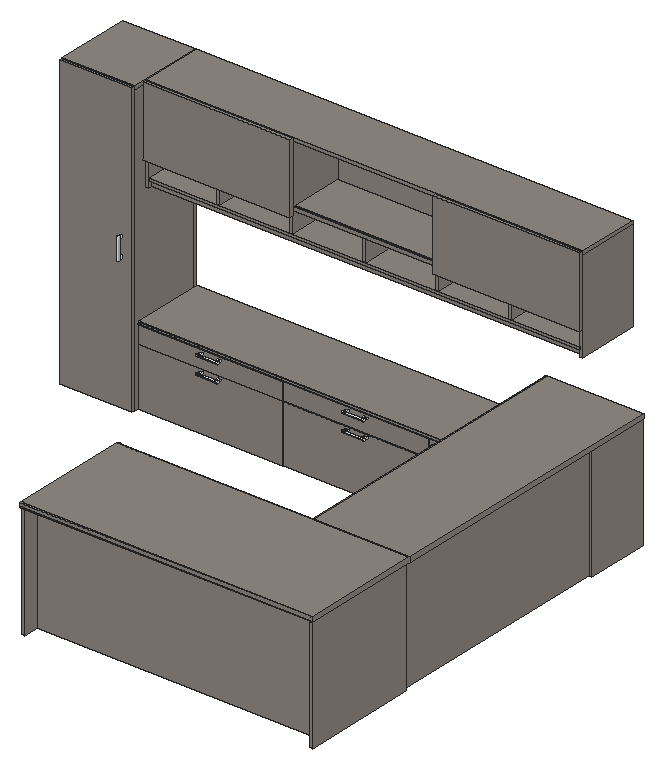
Revit family "JSI-Vision-Typical_Veneer-VSV019", category Furniture, Revit 2020
Family settings
  OmniClass Number = 23.40.20.00
  OmniClass Title = General Furniture and Specialties
  Work Plane-Based = No
  Always vertical = Yes
  Cut with Voids When Loaded = No
  Shared = No
  Room Calculation Point = No
Parameters (values of type "VST019")
  URL = "www.jsifurniture.com"
  Type Comments = "Typical Laminate"  # constant formula
  Model = "VST019"
  Manufacturer = "JSI"  # constant formula
  Keynote = "12500"
  Default Elevation = 0"
  Assembly Code = "E2020200"
Reference planes (in)
  plane 1 "Center Front/Back": y = 0
  plane 2: z = 0
  plane 3 "Center Left/Right": x = 0
Dimensions and locks (in)
  aligned and locked: level to plane 2
Nested families (in)
  nested 1: "JSI-Vision-Single_Pedestal_Desk-Recessed_Modesty" at (91.43587, -90.375, 0) x (-1, 0, 0) z (0, 0, 1), type "VSV3072RDF, Veneer 30 x 72 Right Ped Desk, Recess Modesty"
    with Width 72", Panel BBF 56 1/4", LR no, Grommet angle 270.00°, Grommet 56 79/128", BBF 56 1/4"
  nested 2: "JSI-Vision-Wardrobe" at (0, 0.125, 0), type "VSV2018-72WL - Wardrobe - 1 Doors 30"W x 20"D x 72"H"
    with Vertical Partition no, Top-Right Shelve no, Width 18", Unit Centre 8 15/16", Shelve Width 7 13/16", Shelve Depth 17.1795", Right surface Dist. to Vertical Partition 3/4", Right Door no, Pull Distance 15 1/4", Left Shelves no, Height 72", Hanging Bar Distance 6 3/4", Door Width 17 3/4", Depth 19.992", Bottom-Right Shelves yes, Adjustable Shelves Array Distance 13.95", Actual Width 17 7/8", Actual Height 71 11/16", # of Adjustable Shelves 4
  nested 3: "JSI-Vision-Bench_Height_Modular_Top" at (17.875, 0, -0.756), type "VSVB18108MT, Veneer Mod Bench H Top, 18" x 108""
    with Width 108", Depth 18"
  nested 4: "JSI-Vision-Single Door_Modular_Bench_Pedestal" at (89.875, 0, 0), type "VSVB1818MHR, Sngl Door Modular Bench Ped Right"
    with Hinge 4", Height 18.744"
  nested 5: "JSI-Vision-Open_Shelf_Modular_Bench_Pedestal" at (107.875, 0, 0), type "VSVB1818MOS, Veneer OS Modular Bench H Ped"
    with Height 18.744"
  nested 6: "JSI-Vision-Box_File_Modular_Bench_Pedestal" at (17.875, 0, 0), type "VSVB1836MBF - Veneer BF Modular Bench H Ped"
    with Width 36", Height 18.744"
  nested 7: "JSI-Vision-Box_File_Modular_Bench_Pedestal" at (53.875, 0, 0), type "VSVB1836MBF - Veneer BF Modular Bench H Ped"
    with Width 36", Height 18.744"
  nested 8: "JSI-Vision-Bench_Height-Shell_Return" at (127.5, -71.125, 0) x (0, -1, 0) z (0, 0, 1), type "VSVB2472LSHR - Bench Height Shell Return Left Handed - 72"W x 24"D x 30"H"
    with Width 72", Ped Height 27.9995", Modesty Width 59 11/16", Lat Panel Pstn 71 1/8", Height 29.187", Grommet Position 1.356", Bk Panel Pstn 56 1/4"
  nested 9: "JSI-Vision-Wall_Mount_Overhead_Cabinets-Sliding_Door_with_Cubbies" at (17.875, 0, -0.3125), type "VSV16108WSDC, Veneer Wall Mount OH Cab. 16" x 108", Sld Doors with Cub"
    with Overall Height 72", Verticall Partition Distance 35.85417", Unit Centre 54", Width 108", Sliding Door Width 36.22917", Right Sliding Door yes, Left Vertical Partition yes, Door Width Actual 17.83333", Door Array Spacing 17.95833", Door Width 17.83333", Door Align Spacing 0.06408", Depth 15.996", Bottom Partition Array Start Distance 17.89583", Bottom Partition Array Space 17.52083", Bottom Partition Array Distance 17.95833", # of bottom Partition 5, # of Doors 6
  nested 10: "JSI-Vision-Modular_Back_Panel_for_Bench_Height-Horizontal_Grain" at (17.875, 0, 0), type "VSVB19102MBK, Modular Back Panel for Bench Height - Horizontal Grain  18 3/4"H, 102"W"
Definition of nested family "JSI-Vision-Single_Pedestal_Desk-Recessed_Modesty"
  Parameters (values of type "Type Catalog")
    Worksurface = none
    Width = 66"
    URL = "www.jsifurniture.com"
    Type Comments = ""
    Tag = "BBF"  # constant formula
    Series = "Vision Casegoods"  # constant formula
    Pull Finish = none
    Panel BBF = if(LR, 15", Width - 15 3/4")  # 15"
    Model = "Type Catalog"
    Material = ""
    Manufacturer = "JSI"  # constant formula
    LR = yes
    Keynote = "12500"
    JSI Enviromental Website = "http://www.jsifurniture.com/jsi_sustainability_intro.php"
    Height = 29.187"
    Grommet angle = if(LR, 90.00°, 270.00°)  # 90.00°
    Grommet Finish = none
    Grommet = if(LR, 14 1/2", Width - 15 49/128")  # 14 1/2"
    Drawer Front = none
    Description = "Type Catalog"
    Depth chassis = 30"
    Depth = 30"
    Default Elevation = 0"
    Chassis = none
    BBF = if(LR, 3/16", Width - 15 3/4")  # 3/16"
    Assembly Code = "E2020200"
  Reference planes (in)
    plane 1: z = 0
    plane 2 "Center (Left/Right)": x = -36.06413
    plane 3: z = 29.187
    plane 4: z = 27.9995
    plane 5: y = -19.25
    plane 6 "Center (Front/Back)": y = 10.75
    plane 7: y = 10.75
    plane 8: x = -3.06413
    plane 9: x = 29.93587
    plane 10: y = 10.56003
    plane 11: x = -20.31413
    plane 12: x = 14.18587
    plane 13: y = -18.37
    plane 14: x = -13.31413
    plane 15: x = -28.12663
    plane 16: x = 29.81086
    plane 17: x = -35.93913
    plane 18: y = 3.55952
    plane 19: y = -0.44048
    plane 20: y = 6.81003
    plane 21: y = -18.31113
    plane 22: x = -21.06413
    plane 23: x = -35.87663
    plane 24: x = -20.37636
    plane 25: x = -5.56513
    plane 26: x = -21.56413
    plane 27: y = 1.55952
  Forms (in)
    Extrusion 1, solid, material <- "Worksurface"
      sketch origin (0, 0, -0.813) x (1, 0, 0) y (0, 1, 0)
        loop
          line (-36.06413, -19.125) -> (29.93587, -19.125) -> (29.93587, 10.625) -> (-36.06413, 10.625) -> (-36.06413, -19.125)
      from 28.8125 to 30
    Extrusion 2, solid, material <- "Chassis"
      sketch origin (0, 3.75, 0) x (1, 0, 0) y (0, 1, 0)
        loop
          line (-35.18913, 3.06003) -> (-35.18913, 2.31003) -> (29.06086, 2.31003) -> (29.06086, 3.06003) -> (-35.18913, 3.06003)
      from 0 to 27.9995
    Extrusion 3, solid, material <- "Drawer Front"
      sketch origin (-0.00163, 0.13, 0) x (1, 0, 0) y (0, 0, 1)
        loop
          line (-35.875, 27.89042) -> (-35.875, 21.04768) -> (-20.37473, 21.04768) -> (-20.37473, 27.89042) -> (-35.875, 27.89042)
        loop
          line (-35.875, 20.92218) -> (-35.875, 14.07843) -> (-20.37473, 14.07843) -> (-20.37473, 20.92218) -> (-35.875, 20.92218)
        loop
          line (-35.875, 13.95343) -> (-35.875, 0.14093) -> (-20.37473, 0.14093) -> (-20.37473, 13.95343) -> (-35.875, 13.95343)
      from 18.5 to 19.25
    Extrusion 4, solid, material <- "Chassis"
      sketch origin (-0.06413, 0, 0) x (0, 1, 0) y (0, 0, 1)
        loop
          line (-18.31113, 27.9995) -> (-18.31113, 0) -> (10.56003, 0) -> (10.56003, 27.9995) -> (3.44695, 27.9995) -> (-18.31113, 27.9995)
      from -35.875 to -35.125
    Extrusion 5, solid, material <- "Chassis"
      sketch origin (-0.06413, 0.034, 0) x (1, 0, 0) y (0, 0, 1)
        loop
          line (-35.125, 1.9375) -> (-35.125, 0) -> (-21, 0) -> (-21, 1.9375) -> (-35.125, 1.9375)
      from 17.59513 to 18.34513
    Extrusion 6, solid, material <- "Chassis"
      sketch origin (-0.06029, 0, 0) x (0, 1, 0) y (0, 0, -1)
        loop
          line (-18.31113, -27.9995) -> (3.74172, -27.9995) -> (10.56003, -27.9995) -> (10.56003, 0) -> (-18.31113, 0) -> (-18.31113, -27.9995)
      from -29.87116 to -29.12116
    Sweep 7, solid, material <- "Worksurface"
      path in 3D
        loop
          line (-36.06413, -19.125, 29.187) -> (29.93587, -19.125, 29.187)
      profile origin (-3.06413, -19.125, 29.187) x (0, 1, 0) y (0, 0, 1)
        loop
          arc (0, 0) -> (-0.08839, -0.03661) -> (-0.125, -0.125) r 0.125
          line (-0.125, -0.125) -> (-0.125, -1.0625)
          arc (-0.125, -1.0625) -> (-0.08839, -1.15089) -> (0, -1.1875) r 0.125
          line (0, -1.1875) -> (0, 0)
    Extrusion 8, solid, material <- "Chassis"
      sketch origin (57.45899, 0, 0) x (0, 1, 0) y (0, 0, -1)
        loop
          line (-18.31113, -27.9995) -> (3.98759, -27.9995) -> (6.06003, -27.9995) -> (6.06003, 0) -> (-18.31113, 0) -> (-18.31113, -27.9995)
      from 77.77312 to 78.52312
    Sweep 9, solid, material <- "Worksurface"
      path in 3D
        loop
          line (29.93587, 10.625, 29.187) -> (-36.06413, 10.625, 29.187)
      profile origin (-3.06413, 10.625, 29.187) x (0, -1, 0) y (0, 0, 1)
        loop
          arc (0, 0) -> (-0.08839, -0.03661) -> (-0.125, -0.125) r 0.125
          line (-0.125, -0.125) -> (-0.125, -1.0625)
          arc (-0.125, -1.0625) -> (-0.08839, -1.15089) -> (0, -1.1875) r 0.125
          line (0, -1.1875) -> (0, 0)
  Cuts and joins
    joined: Extrusion 1, Sweep 7, Sweep 9
  Lines and regions (in)
    sketch lines
      curve 1: line (-36.06413, -19.125, 29.187) -> (29.93587, -19.125, 29.187)
      curve 10: line (29.93587, 10.625, 29.187) -> (-36.06413, 10.625, 29.187)
    symbolic lines
      curve 2: line (29.93587, -19.25, 0) -> (-36.06413, -19.25, 0)
      curve 3: line (29.93587, -19.25, 0) -> (29.93587, 10.75, 0)
      curve 4: line (-36.06413, 10.75, 0) -> (-36.06413, -19.25, 0)
      curve 5: line (-20.37636, -18.37, 0) -> (-35.87663, -18.37, 0)
      curve 6: line (-20.37636, -19.12, 0) -> (-20.37636, -18.37, 0)
      curve 7: line (-35.87663, -19.12, 0) -> (-20.37636, -19.12, 0)
      curve 8: line (-35.87663, -18.37, 0) -> (-35.87663, -19.12, 0)
      curve 9: line (-35.93913, 10.56003, 0) -> (-35.93913, -18.31113, 0)
      curve 11: line (29.81086, -18.31113, 0) -> (29.81086, 10.56003, 0)
      curve 12: line (-20.31413, -18.31113, 0) -> (-20.31413, 6.06003, 0)
      curve 13: line (-21.06413, 6.06003, 0) -> (-21.06413, -18.31113, 0)
      curve 14: line (-21.06413, -18.31113, 0) -> (-20.31413, -18.31113, 0)
      curve 15: line (-35.93913, 10.56003, 0) -> (-35.18913, 10.56003, 0)
      curve 16: line (-35.18913, -18.31113, 0) -> (-35.18913, 10.56003, 0)
      curve 17: line (-35.93913, -18.31113, 0) -> (-35.18913, -18.31113, 0)
      curve 18: line (29.06086, 6.81003, 0) -> (-35.18913, 6.81003, 0)
      curve 19: line (-35.18913, 6.06003, 0) -> (29.06086, 6.06003, 0)
      curve 20: line (29.06086, 10.56003, 0) -> (29.06086, -18.31113, 0)
      curve 21: line (29.81086, 10.56003, 0) -> (29.06086, 10.56003, 0)
      curve 22: line (29.06086, -18.31113, 0) -> (29.81086, -18.31113, 0)
      curve 23: line (-36.06413, 10.75, 0) -> (29.93587, 10.75, 0)
  Dimensions and locks (in)
    "Height": plane 3 to level
    locked: plane 3 to plane 4 at 1.1875
    "Depth": plane 6 "Center (Front/Back)" to plane 5
    equal spacing: plane 2 "Center (Left/Right)", plane 8, plane 9
    "Width": plane 2 "Center (Left/Right)" to plane 9
    locked: plane 7 to plane 10 at 0.18997
    locked: plane 2 "Center (Left/Right)" to plane 11 at 15.75
    locked: plane 12 to plane 9 at 15.75
    locked: Extrusion 5 to plane 13 at 0.80887
    locked: plane 13 to plane 5 at 0.88
    locked: plane 16 to plane 9 at 0.125
    locked: Extrusion 6 to Extrusion 6 at 0.75
    locked: Extrusion 4 to Extrusion 4 at 0.75
    locked: Extrusion 2 to Extrusion 2 at 0.75
    plane 21 to plane 5 = 0.93887"
    locked: plane 22 to plane 14 at 7.75
    "BBF": plane 2 "Center (Left/Right)" to plane 23
    locked: Extrusion 5 to Extrusion 5 at 0.75
    locked: plane 23 to plane 15 at 7.75
    locked: Extrusion 3 to Extrusion 3 at 0.75
    Extrusion 8 to Extrusion 8 = 3/4"
    locked: plane 23 to plane 24 at 15.50027
    locked: plane 22 to plane 25 at 15.499
    plane 23 to Extrusion 5 to Extrusion 5 = 11/16" locked, 14 1/8" locked
    "Panel BBF": plane 2 "Center (Left/Right)" to Extrusion 8
    locked: Extrusion 8 to Extrusion 8 at 0.75
    "Grommet": plane 2 "Center (Left/Right)" to plane 26
    equal spacing: plane 18, plane 27, plane 19
    plane 7 to plane 20 to plane 18 to plane 19 = 3.93997" locked, 3.25051" locked, 4" locked
    aligned and locked: level to plane 1
    aligned and locked: curve 4 to Extrusion 1
    aligned and locked: Extrusion 4 to Extrusion 5
    aligned and locked: Extrusion 2 to Extrusion 5
    aligned and locked: Extrusion 2 to Extrusion 6  (x2)
    aligned and locked: plane 16 to Extrusion 6
    aligned and locked: Extrusion 4 to plane 17
    aligned and locked: plane 20 to Extrusion 2
    aligned and locked: plane 13 to Extrusion 3
    aligned and locked: Extrusion 6 to plane 21
    aligned and locked: Extrusion 5 to plane 21
    aligned and locked: Extrusion 4 to plane 21
    aligned and locked: Extrusion 5 to level
    aligned and locked: nested 3 to plane 15
    aligned and locked: nested 2 to plane 15
    aligned and locked: nested 1 to plane 15
    aligned and locked: Extrusion 3 to nested 3
    aligned and locked: Extrusion 3 to nested 2
    aligned and locked: Extrusion 3 to nested 1
    aligned and locked: Extrusion 3 to plane 23  (x3)
    aligned and locked: plane 17 to Extrusion 4
    aligned and locked: plane 21 to Extrusion 5
    aligned and locked: Extrusion 8 to plane 21
    aligned and locked: Extrusion 6 to plane 16
    aligned and locked: plane 24 to Extrusion 3  (x3)
    aligned and locked: curve 5 to Extrusion 3
    aligned and locked: curve 6 to Extrusion 3
    aligned and locked: curve 7 to Extrusion 3
    aligned and locked: curve 8 to Extrusion 3
    aligned and locked: Extrusion 4 to curve 9
    aligned and locked: curve 11 to Extrusion 6
    aligned and locked: Extrusion 2 to Extrusion 4
    aligned and locked: Extrusion 8 to Extrusion 2
    aligned and locked: curve 12 to Extrusion 8
    aligned and locked: curve 13 to Extrusion 8
    aligned and locked: curve 14 to Extrusion 8
    aligned and locked: curve 16 to Extrusion 4
    aligned and locked: curve 17 to Extrusion 4
    aligned and locked: curve 18 to Extrusion 2
    aligned and locked: curve 19 to Extrusion 2
    aligned and locked: curve 20 to Extrusion 6
    aligned and locked: curve 21 to Extrusion 6
    aligned and locked: curve 22 to Extrusion 6
    aligned and locked: curve 3 to cut or joined group of Extrusion 1, Sweep 7, Sweep 9
    aligned and locked: curve 4 to cut or joined group of Extrusion 1, Sweep 7, Sweep 9
    aligned and locked: curve 23 to cut or joined group of Extrusion 1, Sweep 7, Sweep 9
    aligned and locked: nested 4 to plane 5
    aligned and locked: nested 4 to plane 15
    aligned and locked: plane 10 to Extrusion 4  (x2)
    aligned and locked: plane 10 to Extrusion 6  (x2)
    aligned and locked: curve 15 to Extrusion 4
  Automatic sketch dimensions
    plane 11 to Extrusion 2 sketch curve = 14 7/8"
    plane 12 to Extrusion 2 sketch curve = 14 7/8"
    Extrusion 2 sketch curve to plane 20 = 0"
    plane 18 to Extrusion 2 sketch curve = 2.50051"
    Extrusion 3 sketch curve to plane 23 = 0"  (x3)
    plane 11 to Extrusion 3 sketch curve = 0.06223"  (x3)
    level to Extrusion 3 sketch curve = 0.14093"
    Extrusion 3 sketch curve to Extrusion 3 sketch curve = 13 13/16"
    Extrusion 3 sketch curve to Extrusion 3 sketch curve = 1/8"
    Extrusion 3 sketch curve to Extrusion 3 sketch curve = 6 27/32"
    Extrusion 3 sketch curve to Extrusion 3 sketch curve = 0.1255"
    Extrusion 3 sketch curve to plane 4 = 0.10907"
    plane 4 to Extrusion 4 sketch curve = 0"
    Extrusion 4 sketch curve to plane 21 = 0"
    Extrusion 4 sketch curve to level = 0"
    Extrusion 4 sketch curve to plane 10 = 0"
    Extrusion 5 sketch curve to level = 0"
    plane 23 to Extrusion 5 sketch curve = 11/16"
    plane 11 to Extrusion 5 sketch curve = 3/4"
    level to Extrusion 5 sketch curve = 1 15/16"
    Extrusion 6 sketch curve to plane 4 = 0"
    Extrusion 6 sketch curve to plane 21 = 0"
    Extrusion 6 sketch curve to level = 0"
    Extrusion 6 sketch curve to plane 10 = 0"
    Sweep 7 sketch curve to profile plane = 0"  (x2)
    profile plane to Sweep 7 sketch curve = 1/8"
    Sweep 7 sketch curve to Sweep 7 sketch curve = 15/16"
    Extrusion 8 sketch curve to plane 4 = 0"
    Extrusion 8 sketch curve to plane 21 = 0"
    Extrusion 8 sketch curve to level = 0"
    Extrusion 8 sketch curve to plane 10 = 4 1/2"
    Extrusion 1 sketch curve to plane 2 "Center (Left/Right)" = 0"
    Extrusion 1 sketch curve to plane 9 = 0"
    plane 5 to Extrusion 1 sketch curve = 1/8"
    Sweep 9 sketch curve to Sweep 9 sketch curve = 15/16"
    Sweep 9 sketch curve to profile plane = 1/8"
    Sweep 9 sketch curve to profile plane = 0"  (x2)
    curve 2 to plane 2 "Center (Left/Right)" = 0"
    curve 9 to plane 17 = 0"
    curve 5 to plane 13 = 0"
    curve 5 to plane 23 = 0"
    curve 17 to plane 21 = 0"
    curve 18 to plane 20 = 0"
    curve 14 to plane 21 = 0"
    curve 7 to plane 24 = 0"
    plane 11 to curve 14 = 0"
    curve 22 to plane 21 = 0"
    curve 22 to plane 16 = 0"
    curve 2 to plane 5 = 0"
    plane 23 to curve 17 = 11/16"
    plane 22 to curve 14 = 0"
    curve 20 to curve 11 = 3/4"
    plane 5 to curve 7 = 0.13"
    curve 19 to curve 18 = 3/4"
    curve 11 to plane 10 = 0"
    plane 10 to Extrusion 1 sketch curve = 0.06497"
    Extrusion 4 sketch curve to plane 18 = 0.11258"
    plane 18 to Extrusion 8 sketch curve = 0.42807"
    plane 18 to Extrusion 6 sketch curve = 0.1822"
  Nested families (in)
    nested 1: "Bar Pull" at (-28.12663, -19.12, 13.20292), Pull Finish <- "Pull Finish", type "PL"
      with Pull Finish none
    nested 2: "Bar Pull" at (-28.12663, -19.12, 20.171), Pull Finish <- "Pull Finish", type "PL"
      with Pull Finish none
    nested 3: "Bar Pull" at (-28.12663, -19.12, 27.14116), Pull Finish <- "Pull Finish", type "PL"
      with Pull Finish none
    nested 4: "Label 1-16-1" at (-28.12663, -19.25, 0), type "DRWCFG"
  Definition of nested family "Bar Pull"
    Parameters
      Pull Finish [instance] = none
      Default Elevation = 0"
    Reference planes (in)
      plane 1 "Center Front/Back": y = 0
      plane 2: z = 0
      plane 3 "Center Left/Right": x = 0
      plane 4: x = -2.68731
      plane 5: x = -1.88731
      plane 6: x = 2.68731
      plane 7: x = 1.88731
      plane 8: y = -1
      plane 9: y = -0.85202
    Forms (in)
      Extrusion 1, solid, material <- "Pull Finish"
        sketch origin (0, 0, 0) x (0, 1, 0) y (0, 0, 1)
          loop
            line (0, -0.2015) -> (0, 0.2015) -> (-0.85202, 0.2015)
            arc (-0.85202, 0.2015) -> (-0.75, 0) -> (-0.85202, -0.2015) r 0.25
            line (-0.85202, -0.2015) -> (0, -0.2015)
        from 1.88731 to 2.68731
      Extrusion 2, solid, material <- "Pull Finish"
        sketch origin (0, 0, 0) x (0, 1, 0) y (0, 0, 1)
          loop
            circle (-1, 0) r 0.25
        from -2.68731 to 2.68731
      Extrusion 3, solid, material <- "Pull Finish"
        sketch origin (0, 0, 0) x (0, 1, 0) y (0, 0, -1)
          loop
            line (0, 0.2015) -> (-0.85202, 0.2015)
            arc (-0.85202, 0.2015) -> (-0.75, 0) -> (-0.85202, -0.2015) r 0.25
            line (-0.85202, -0.2015) -> (0, -0.2015) -> (0, 0.2015)
        from 1.88731 to 2.68731
    Dimensions and locks (in)
      plane 4 to plane 5 to plane 3 "Center Left/Right" to plane 7 to plane 6 = 0.8" locked, 1.88731" locked, 1.88731" locked, 0.8" locked
      plane 8 to plane 9 to plane 1 "Center Front/Back" = 0.14798" locked, 0.85202" locked
      aligned and locked: level to plane 2
      aligned and locked: plane 4 to Extrusion 3
      aligned and locked: Extrusion 3 to plane 5
      aligned and locked: plane 4 to Extrusion 2
      aligned and locked: Extrusion 1 to plane 7
      aligned and locked: plane 6 to Extrusion 1
      aligned and locked: plane 6 to Extrusion 2
      aligned and locked: plane 8 to Extrusion 2 sketch curve
      aligned and locked: Extrusion 3 to plane 1 "Center Front/Back"
      aligned and locked: Extrusion 1 to plane 1 "Center Front/Back"
      aligned and locked: plane 5 to Extrusion 3
      aligned and locked: Extrusion 3 to plane 4
      aligned and locked: Extrusion 2 to plane 4
      aligned and locked: plane 7 to Extrusion 1
      aligned and locked: Extrusion 1 to plane 6
      aligned and locked: Extrusion 2 to plane 6
  Definition of nested family "Label 1-16-1"
    Parameters
      Width = 1"
      Model Name = "BBF"
    Reference planes (in)
      plane 1: y = 0
      plane 2: x = 0
    Text (in)
      label "XX" at (0.00051, -0.12324, 0), shows "Model Name"
Definition of nested family "JSI-Vision-Wardrobe"
  Parameters (values of type "Type Catalog")
    Vertical Partition = yes
    Top-Right Shelve = yes
    Top = none
    Width = 36"
    Unit Centre = Actual Width / 2  # 17 15/16"
    URL = "www.jsifurniture.com"
    Type Comments = ""
    Tag = "Storage/Wardrobe"
    Shelve Width = (Actual Width - 2 1/4") / 2  # 16 13/16"
    Shelve Depth = Depth - 2 13/16"  # 21 3/16"
    Series = "Vision Casegoods"  # constant formula
    Right surface Dist. to Vertical Partition = if(Vertical Partition, (Unit Centre + 3/8"), 3/4")  # 18 5/16"
    Right Door = yes
    Pull Finish = none
    Pull Distance = Door Width - 2 1/2"  # 15 5/16"
    Model = "Type Catalog"
    Material = ""
    Manufacturer = "JSI"  # constant formula
    Left Shelves = yes
    Left Door = yes
    Keynote = "12500"
    JSI Enviromental Website = "http://www.jsifurniture.com/jsi_sustainability_intro.php"
    Height = 84"
    Hanging Bar Distance = if(Height > 72", (Adjustable Shelves Array Distance + 6 3/4"), 6 3/4")  # 20 3/8"
    Door Width = if(Vertical Partition, ((Actual Width - (1/4")) / 2), (Actual Width - 1/8"))  # 17 13/16"
    Door Front = none
    Description = "Type Catalog"
    Depth = 24"
    Default Elevation = 0"
    Chassis = none
    Bottom-Right Shelves = no
    Assembly Code = "E2020200"
    Adjustable Shelves Array Distance = (Actual Height - 1 15/16") / (# of Adjustable Shelves + 1)  # 13 5/8"
    Actual Width = Width - 1/8"  # 35 7/8"
    Actual Height = if(Height > 54", (Height - 5/16"), (if(Height > 42", (Height + 1 1/8"), if(Height > 30", (Height - 3/8"), (Height - 13/16")))))  # 83 11/16"
    # of Adjustable Shelves = if(Height > 72", 5, 4)  # 5
  Reference planes (in)
    plane 1 "Center Front/Back": y = 0
    plane 2: z = 0
    plane 3 "Center Left/Right": x = 0
    plane 4: z = 0
    plane 5: x = 35.875
    plane 6: y = -0.125
    plane 7: y = -23
    plane 8: z = 83.6875
    plane 9: y = -0.875
    plane 10: y = -22.8125
    plane 11: y = -22.0625
    plane 12: x = 0.75
    plane 13: x = 35.125
    plane 14: z = 1.1875
    plane 15: z = 1.9375
    plane 16: z = 82.9375
    plane 17: z = 83.3125
    plane 18: z = 15.1875
    plane 19: z = 28.8125
    plane 20: z = 42.4375
    plane 21: z = 56.0625
    plane 22: z = 69.6875
    plane 23: z = 70.0625
    plane 24: z = 69.3125
    plane 25: z = 56.4375
    plane 26: z = 55.6875
    plane 27: z = 42.8125
    plane 28: z = 42.0625
    plane 29: z = 29.1875
    plane 30: z = 28.4375
    plane 31: z = 15.5625
    plane 32: z = 14.8125
    plane 33: x = 17.9375
    plane 34: x = 0.0625
    plane 35: x = 35.8125
    plane 36: x = 18
    plane 37: x = 17.875
    plane 38: z = 0.125
    plane 39: y = -23.125
    plane 40: y = -23.875
    plane 41: z = 1.5625
    plane 42: x = 18.3125
    plane 43: x = 17.5625
    plane 44: y = -24
    plane 45: z = 83.625
    plane 46: z = 63.3125
    plane 47: y = -11.5625
    plane 48: z = 41.84375
    plane 49: x = 20.5
    plane 50: x = 15.375
    plane 51: z = 20.3125
    plane 52: z = 19.5625
    plane 53: x = 18.3125
  Forms (in)
    Extrusion 1, solid, material <- "Chassis"
      sketch origin (0, 0, 0) x (1, 0, 0) y (0, 1, 0)
        loop
          line (0, -0.125) -> (0, -0.875) -> (35.875, -0.875) -> (35.875, -0.125) -> (0, -0.125)
      from 0 to 82.9375
    Extrusion 2, solid, material <- "Chassis"
      sketch origin (0, 0, 0) x (1, 0, 0) y (0, 1, 0)
        loop
          line (0, -0.875) -> (0, -23) -> (0.75, -23) -> (0.75, -0.875) -> (0, -0.875)
      from 0 to 82.9375
    Extrusion 3, solid, material <- "Chassis"
      sketch origin (0, 0, 0) x (1, 0, 0) y (0, 1, 0)
        loop
          line (35.125, -0.875) -> (35.125, -23) -> (35.875, -23) -> (35.875, -0.875) -> (35.125, -0.875)
      from 0 to 82.9375
    Extrusion 4, solid, material <- "Top"
      sketch origin (0, 0, 0) x (0, 1, 0) y (0, 0, 1)
        loop
          line (-0.125, 83.6875) -> (-23, 83.6875) -> (-23, 82.9375) -> (-0.125, 82.9375) -> (-0.125, 83.6875)
      from 0 to 35.875
    Extrusion 5, solid, material <- "Chassis"
      sketch origin (0, 0, 0) x (0, 1, 0) y (0, 0, 1)
        loop
          line (-0.875, 1.9375) -> (-22.0625, 1.9375) -> (-22.0625, 1.1875) -> (-0.875, 1.1875) -> (-0.875, 1.9375)
      from 0.75 to 35.125
    Extrusion 6, solid, material <- "Chassis"
      sketch origin (0, 0, 0) x (0, 1, 0) y (0, 0, 1)
        loop
          line (-22.0625, 1.9375) -> (-22.8125, 1.9375) -> (-22.8125, 0) -> (-22.0625, 0) -> (-22.0625, 1.9375)
      from 0.75 to 35.125
    Extrusion 7, solid, material <- "Door Front", visible <- "Left Door"
      sketch origin (0, 0, 0) x (1, 0, 0) y (0, 1, 0)
        loop
          line (0.0625, -23.125) -> (0.0625, -23.875) -> (17.875, -23.875) -> (17.875, -23.125) -> (0.0625, -23.125)
      from 0.125 to 83.625
    Extrusion 8, solid, material <- "Door Front", visible <- "Right Door"
      sketch origin (0, 0, 0) x (1, 0, 0) y (0, 1, 0)
        loop
          line (18, -23.125) -> (18, -23.875) -> (35.8125, -23.875) -> (35.8125, -23.125) -> (18, -23.125)
      from 0.125 to 83.625
    Extrusion 9, solid, material <- "Chassis", visible <- "Vertical Partition"
      sketch origin (0, 0, 0) x (1, 0, 0) y (0, 1, 0)
        loop
          line (17.5625, -0.875) -> (17.5625, -23) -> (18.3125, -23) -> (18.3125, -0.875) -> (17.5625, -0.875)
      from 1.9375 to 82.9375
    Extrusion 10, solid, material <- "Chassis", visible <- "Left Shelves"
      sketch origin (0, 0, 0) x (0, 1, 0) y (0, 0, 1)
        loop
          line (-0.875, 15.5625) -> (-22.0625, 15.5625) -> (-22.0625, 14.8125) -> (-0.875, 14.8125) -> (-0.875, 15.5625)
      from 0.75 to 17.5625
    Extrusion 11, solid, material <- "Chassis", visible <- "Top-Right Shelve"
      sketch origin (0, 0, 0) x (0, 1, 0) y (0, 0, 1)
        loop
          line (-0.875, 70.0625) -> (-22.0625, 70.0625) -> (-22.0625, 69.3125) -> (-0.875, 69.3125) -> (-0.875, 70.0625)
      from 18.3125 to 35.125
    Extrusion 12, solid, material <- "Pull Finish"
      sketch origin (0, 0, 0) x (0, 1, 0) y (0, 0, 1)
        loop
          circle (-11.5625, 63.3125) r 0.5
      from 18.3125 to 35.125
    Extrusion 13, solid, material <- "Chassis", visible <- "Left Shelves"
      sketch origin (0, 0, 13.625) x (0, 1, 0) y (0, 0, 1)
        loop
          line (-0.875, 15.5625) -> (-22.0625, 15.5625) -> (-22.0625, 14.8125) -> (-0.875, 14.8125) -> (-0.875, 15.5625)
      from 0.75 to 17.5625
    Extrusion 14, solid, material <- "Chassis", visible <- "Left Shelves"
      sketch origin (0, 0, 27.25) x (0, 1, 0) y (0, 0, 1)
        loop
          line (-0.875, 15.5625) -> (-22.0625, 15.5625) -> (-22.0625, 14.8125) -> (-0.875, 14.8125) -> (-0.875, 15.5625)
      from 0.75 to 17.5625
    Extrusion 15, solid, material <- "Chassis", visible <- "Left Shelves"
      sketch origin (0, 0, 40.875) x (0, 1, 0) y (0, 0, 1)
        loop
          line (-0.875, 15.5625) -> (-22.0625, 15.5625) -> (-22.0625, 14.8125) -> (-0.875, 14.8125) -> (-0.875, 15.5625)
      from 0.75 to 17.5625
    Extrusion 16, solid, material <- "Chassis", visible <- "Bottom-Right Shelves"
      sketch origin (0, 0, 0) x (0, 1, 0) y (0, 0, 1)
        loop
          line (-22.0625, 29.1875) -> (-22.0625, 28.4375) -> (-0.875, 28.4375) -> (-0.875, 29.1875) -> (-22.0625, 29.1875)
      from 18.3125 to 35.125
    Extrusion 17, solid, material <- "Chassis", visible <- "Bottom-Right Shelves"
      sketch origin (0, 0, 0) x (0, 1, 0) y (0, 0, 1)
        loop
          line (-22.0625, 20.3125) -> (-22.0625, 19.5625) -> (-0.875, 19.5625) -> (-0.875, 20.3125) -> (-22.0625, 20.3125)
      from 18.3125 to 35.125
    Extrusion 18, solid, material <- "Chassis", visible <- "Left Shelves"
      sketch origin (0, 0, 54.5) x (0, 1, 0) y (0, 0, 1)
        loop
          line (-0.875, 15.5625) -> (-22.0625, 15.5625) -> (-22.0625, 14.8125) -> (-0.875, 14.8125) -> (-0.875, 15.5625)
      from 0.75 to 17.5625
  Lines and regions (in)
    symbolic lines
      curve 1: line (35.875, -0.125, 0) -> (0, -0.125, 0)
      curve 2: line (0, -0.125, 0) -> (0, -23, 0)
      curve 3: line (35.875, -23, 0) -> (35.875, -0.125, 0)
      curve 4: line (0, -23, 0) -> (35.875, -23, 0)
      curve 5: line (17.875, -23.875, 0) -> (17.875, -23.125, 0)
      curve 6: line (0.0625, -23.875, 0) -> (17.875, -23.875, 0)
      curve 7: line (17.875, -23.125, 0) -> (0.0625, -23.125, 0)
      curve 8: line (0.0625, -23.125, 0) -> (0.0625, -23.875, 0)
      curve 9: line (35.8125, -23.125, 20.3125) -> (18, -23.125, 20.3125)
      curve 10: line (18, -23.875, 20.3125) -> (35.8125, -23.875, 20.3125)
      curve 11: line (18, -23.125, 20.3125) -> (18, -23.875, 20.3125)
      curve 12: line (35.8125, -23.875, 20.3125) -> (35.8125, -23.125, 20.3125)
  Dimensions and locks (in)
    locked: plane 6 to plane 1 "Center Front/Back" at 0.125
    plane 7 to plane 10 to plane 11 = 3/16" locked, 3/4" locked
    locked: plane 3 "Center Left/Right" to plane 12 at 0.75
    locked: plane 13 to plane 5 at 0.75
    plane 15 to plane 14 to plane 4 = 3/4" locked, 1 3/16" locked
    locked: plane 8 to plane 16 at 0.75
    locked: plane 17 to plane 16 at 0.375
    plane 23 to plane 22 to plane 24 = 3/8" locked, 3/8" locked
    plane 25 to plane 21 to plane 26 = 3/8" locked, 3/8" locked
    plane 27 to plane 20 to plane 28 = 3/8" locked, 3/8" locked
    plane 29 to plane 19 to plane 30 = 3/8" locked, 3/8" locked
    plane 31 to plane 18 to plane 32 = 3/8" locked, 3/8" locked
    "Actual Width": plane 3 "Center Left/Right" to plane 5
    "Unit Centre": plane 3 "Center Left/Right" to plane 33
    "Actual Height": plane 8 to plane 4
    locked: plane 3 "Center Left/Right" to plane 34 at 0.0625
    locked: plane 35 to plane 5 at 0.0625
    plane 40 to plane 39 to plane 7 = 3/4" locked, 1/8" locked
    "Door Width": plane 34 to plane 37
    "Door Width": plane 36 to plane 35
    locked: plane 15 to plane 41 at 0.375
    plane 43 to plane 33 to plane 42 = 3/8" locked, 3/8" locked
    "Depth": plane 44 to plane 1 "Center Front/Back"
    locked: plane 44 to plane 40 at 0.125
    "Adjustable Shelves Array Distance": Extrusion 10 to plane 15
    locked: plane 8 to plane 45 at 0.0625
    "Adjustable Shelves Array Distance": plane 17 to plane 22
    equal spacing: plane 6, plane 47, plane 7
    equal spacing: plane 8, plane 48, plane 4
    "Shelve Depth": Extrusion 10 sketch curve to Extrusion 10 sketch curve
    "Shelve Depth": Extrusion 13 sketch curve to Extrusion 13 sketch curve
    equal spacing: group 1, group 2, group 3, group 4, group 5  (x3)
    "Shelve Width": Extrusion 10 to Extrusion 10
    "Shelve Depth": Extrusion 14 sketch curve to Extrusion 14 sketch curve
    "Shelve Width": Extrusion 14 to Extrusion 14
    "Shelve Depth": Extrusion 15 sketch curve to Extrusion 15 sketch curve
    "Shelve Width": Extrusion 15 to Extrusion 15
    "Shelve Width": Extrusion 13 to Extrusion 13
    "Hanging Bar Distance": plane 8 to plane 46
    "Adjustable Shelves Array Distance": Extrusion 13 to Extrusion 10
    plane 30 to plane 51 to plane 52 = 8 1/8" locked, 3/4" locked
    "Pull Distance": plane 49 to plane 35
    "Pull Distance": plane 34 to plane 50
    "Right surface Dist. to Vertical Partition": plane 53 to plane 3 "Center Left/Right"
    "Shelve Depth": Extrusion 18 sketch curve to Extrusion 18 sketch curve
    "Shelve Width": Extrusion 18 to Extrusion 18
    locked: plane 38 to plane 4 at 0.125
    radius of Extrusion 12 sketch curve = 1/2"
    aligned and locked: level to plane 2
    aligned and locked: plane 6 to Extrusion 1 sketch curve
    aligned and locked: Extrusion 1 sketch curve to plane 9
    aligned and locked: Extrusion 1 sketch curve to plane 5
    aligned and locked: plane 3 "Center Left/Right" to Extrusion 1 sketch curve
    aligned and locked: Extrusion 1 to plane 4
    aligned and locked: plane 16 to Extrusion 1
    aligned and locked: plane 3 "Center Left/Right" to Extrusion 2 sketch curve
    aligned and locked: Extrusion 2 sketch curve to plane 12
    aligned and locked: Extrusion 2 sketch curve to plane 7
    aligned and locked: plane 9 to Extrusion 2 sketch curve
    aligned and locked: plane 13 to Extrusion 3 sketch curve
    aligned and locked: Extrusion 3 sketch curve to plane 5
    aligned and locked: Extrusion 3 sketch curve to plane 7
    aligned and locked: plane 9 to Extrusion 3 sketch curve
    aligned and locked: Extrusion 2 to plane 4
    aligned and locked: Extrusion 3 to plane 4
    aligned and locked: plane 16 to Extrusion 2
    aligned and locked: plane 16 to Extrusion 3
    aligned and locked: plane 16 to Extrusion 4 sketch curve
    aligned and locked: Extrusion 4 sketch curve to plane 8
    aligned and locked: plane 6 to Extrusion 4 sketch curve
    aligned and locked: Extrusion 4 sketch curve to plane 7
    aligned and locked: Extrusion 4 to plane 3 "Center Left/Right"
    aligned and locked: plane 5 to Extrusion 4
    aligned and locked: Extrusion 5 sketch curve to plane 11
    aligned and locked: plane 14 to Extrusion 5 sketch curve
    aligned and locked: Extrusion 5 sketch curve to plane 15
    aligned and locked: plane 9 to Extrusion 5 sketch curve
    aligned and locked: Extrusion 5 to plane 12
    aligned and locked: plane 13 to Extrusion 5
    aligned and locked: plane 11 to Extrusion 6 sketch curve
    aligned and locked: Extrusion 6 sketch curve to plane 10
    aligned and locked: plane 4 to Extrusion 6 sketch curve
    aligned and locked: Extrusion 6 sketch curve to plane 15
    aligned and locked: Extrusion 6 to plane 12
    aligned and locked: plane 13 to Extrusion 6
    aligned and locked: level to plane 4
    aligned and locked: plane 33 to nested 1
    aligned and locked: plane 40 to nested 1
    aligned and locked: plane 39 to Extrusion 7 sketch curve
    aligned and locked: Extrusion 7 sketch curve to plane 40
    aligned and locked: Extrusion 7 sketch curve to plane 37
    aligned and locked: plane 34 to Extrusion 7 sketch curve
    aligned and locked: plane 39 to Extrusion 8 sketch curve
    aligned and locked: Extrusion 8 sketch curve to plane 40
    aligned and locked: Extrusion 8 sketch curve to plane 35
    aligned and locked: plane 36 to Extrusion 8 sketch curve
    aligned and locked: Extrusion 7 to plane 38
    aligned and locked: Extrusion 8 to plane 38
    aligned and locked: plane 43 to Extrusion 9 sketch curve
    aligned and locked: Extrusion 9 sketch curve to plane 42
    aligned and locked: plane 9 to Extrusion 9 sketch curve
    aligned and locked: Extrusion 9 sketch curve to plane 7
    aligned and locked: Extrusion 9 to plane 15
    aligned and locked: plane 16 to Extrusion 9
    aligned and locked: plane 45 to Extrusion 7
    aligned and locked: plane 45 to Extrusion 8
    aligned and locked: Extrusion 11 sketch curve to plane 23
    aligned and locked: plane 24 to Extrusion 11 sketch curve
    aligned and locked: plane 9 to Extrusion 11 sketch curve
    aligned and locked: Extrusion 11 sketch curve to plane 11
    aligned and locked: plane 13 to Extrusion 11
    aligned and locked: plane 13 to Extrusion 12
    aligned and locked: Extrusion 10 to plane 9
    aligned and locked: plane 50 to nested 3
    aligned and locked: plane 49 to nested 2
    aligned and locked: plane 48 to nested 3
    aligned and locked: plane 48 to nested 2
    aligned and locked: plane 43 to Extrusion 10
    aligned and locked: plane 43 to Extrusion 13
    aligned and locked: Extrusion 13 to plane 9
    aligned and locked: plane 40 to nested 3
    aligned and locked: plane 40 to nested 2
    aligned and locked: Extrusion 16 sketch curve to plane 29
    aligned and locked: plane 30 to Extrusion 16 sketch curve
    aligned and locked: plane 9 to Extrusion 16 sketch curve
    aligned and locked: Extrusion 16 sketch curve to plane 11
    aligned and locked: plane 13 to Extrusion 16
    aligned and locked: Extrusion 17 sketch curve to plane 51
    aligned and locked: plane 52 to Extrusion 17 sketch curve
    aligned and locked: Extrusion 17 sketch curve to plane 11
    aligned and locked: plane 9 to Extrusion 17 sketch curve
    aligned and locked: plane 13 to Extrusion 17
    aligned and locked: plane 53 to Extrusion 12
    aligned and locked: plane 53 to Extrusion 11
    aligned and locked: plane 53 to Extrusion 17
    aligned and locked: plane 53 to Extrusion 16
    aligned and locked: curve 1 to Extrusion 4
    aligned and locked: curve 2 to Extrusion 4
    aligned and locked: curve 3 to Extrusion 4
    aligned and locked: curve 4 to Extrusion 4
    aligned and locked: curve 5 to Extrusion 7
    aligned and locked: curve 6 to Extrusion 7
    aligned and locked: curve 7 to Extrusion 7
    aligned and locked: curve 8 to Extrusion 7
    aligned and locked: curve 9 to Extrusion 8
    aligned and locked: curve 10 to Extrusion 8
    aligned and locked: curve 11 to Extrusion 8
    aligned and locked: curve 12 to Extrusion 8
  Automatic sketch dimensions
    Extrusion 12 sketch curve to plane 46 = 0"
    Extrusion 12 sketch curve to plane 47 = 0"
    Extrusion 10 sketch curve to Extrusion 10 sketch curve = 3/4"
    Extrusion 13 sketch curve to Extrusion 13 sketch curve = 3/4"
    Extrusion 14 sketch curve to Extrusion 14 sketch curve = 3/4"
    Extrusion 15 sketch curve to Extrusion 15 sketch curve = 3/4"
    Extrusion 18 sketch curve to Extrusion 18 sketch curve = 3/4"
  Nested families (in)
    nested 1: "Label 1-16 OH" at (17.9375, -23.875, 0), type "OH DOORS"
    nested 2: "Vertical Bar Pull" at (20.5, -23.875, 41.84375), Pull Finish <- "Pull Finish", visible <- "Right Door", type "PL"
      with Pull Finish none
    nested 3: "Vertical Bar Pull" at (15.375, -23.875, 41.84375), Pull Finish <- "Pull Finish", visible <- "Left Door", type "PL"
      with Pull Finish none
  Definition of nested family "Vertical Bar Pull"
    Parameters
      Pull Finish [instance] = none
      Default Elevation = 0"
    Reference planes (in)
      plane 1 "Center Front/Back": y = 0
      plane 2: z = 0
      plane 3 "Center Left/Right": x = 0
      plane 4: x = -2.68731
      plane 5: x = -1.88731
      plane 6: x = 2.68731
      plane 7: x = 1.88731
      plane 8: y = -1
      plane 9: y = -0.85202
      plane 10: z = 2.68731
      plane 11: z = 1.88731
      plane 12: z = -1.88731
      plane 13: z = -2.68731
    Forms (in)
      Extrusion 1, solid, material <- "Pull Finish"
        sketch origin (0, 0, 0) x (0, 1, 0) y (-1, 0, 0)
          loop
            line (0, -0.2015) -> (0, 0.2015) -> (-0.85202, 0.2015)
            arc (-0.85202, 0.2015) -> (-0.75, 0) -> (-0.85202, -0.2015) r 0.25
            line (-0.85202, -0.2015) -> (0, -0.2015)
        from 1.88731 to 2.68731
      Extrusion 2, solid, material <- "Pull Finish"
        sketch origin (0, 0, 0) x (0, 1, 0) y (-1, 0, 0)
          loop
            circle (-1, 0) r 0.25
        from -2.68731 to 2.68731
      Extrusion 3, solid, material <- "Pull Finish"
        sketch origin (0, 0, 0) x (1, 0, 0) y (0, 1, 0)
          loop
            line (0.2015, 0) -> (-0.2015, 0) -> (-0.2015, -0.85202)
            arc (-0.2015, -0.85202) -> (0, -0.75) -> (0.2015, -0.85202) r 0.25
            line (0.2015, -0.85202) -> (0.2015, 0)
        from 1.88731 to 2.68731
      Extrusion 4, solid, material <- "Pull Finish"
        sketch origin (0, 0, -4.57462) x (1, 0, 0) y (0, 1, 0)
          loop
            line (0.2015, 0) -> (-0.2015, 0) -> (-0.2015, -0.85202)
            arc (-0.2015, -0.85202) -> (0, -0.75) -> (0.2015, -0.85202) r 0.25
            line (0.2015, -0.85202) -> (0.2015, 0)
        from 1.88731 to 2.68731
    Dimensions and locks (in)
      plane 4 to plane 5 to plane 3 "Center Left/Right" to plane 7 to plane 6 = 0.8" locked, 1.88731" locked, 1.88731" locked, 0.8" locked
      plane 8 to plane 9 to plane 1 "Center Front/Back" = 0.14798" locked, 0.85202" locked
      plane 13 to plane 12 to plane 2 to plane 11 to plane 10 = 0.8" locked, 1.88731" locked, 1.88731" locked, 0.8" locked
      plane 1 "Center Front/Back" to plane 9 to plane 8 = 0.85202" locked, 0.14798" locked
      aligned and locked: level to plane 2
      aligned and locked: plane 8 to Extrusion 2 sketch curve
      aligned and locked: Extrusion 3 to plane 1 "Center Front/Back"
      aligned and locked: Extrusion 1 to plane 1 "Center Front/Back"
      aligned and locked: Extrusion 4 to plane 1 "Center Front/Back"
      aligned and locked: Extrusion 3 to plane 10
      aligned and locked: Extrusion 3 to plane 11
      aligned and locked: Extrusion 2 to plane 10
      aligned and locked: Extrusion 2 to plane 13
      aligned and locked: Extrusion 4 to plane 13
      aligned and locked: Extrusion 4 to plane 12
      aligned and locked: plane 1 "Center Front/Back" to Extrusion 4
      aligned and locked: plane 1 "Center Front/Back" to Extrusion 3
      aligned and locked: Extrusion 4 to plane 9
      aligned and locked: Extrusion 3 to plane 9
  Definition of nested family "Label 1-16 OH"
    Parameters
      Width = 1"
      Model Name = "Storage/Wardrobe"
    Reference planes (in)
      plane 1: y = 0
      plane 2: x = 0
    Text (in)
      label "XX" at (0.00051, -0.12324, 0), shows "Model Name"
Definition of nested family "JSI-Vision-Bench_Height_Modular_Top"
  Parameters (values of type "Type Catalog")
    Worksurface = none
    Width = 42"
    URL = "www.jsifurniture.com"
    Type Comments = ""
    Series = "Vision Casegoods"  # constant formula
    Model = "Type Catalog"
    Material = ""
    Manufacturer = "JSI"  # constant formula
    Keynote = "12500"  # constant formula
    JSI Enviromental Website = "http://www.jsifurniture.com/jsi_sustainability_intro.php"
    Height = 3/4"  # constant formula
    Description = "Type Catalog"
    Depth = 30"
    Default Elevation = 0"
    Assembly Code = "E2020200"
  Reference planes (in)
    plane 1 "Center Front/Back": y = 0
    plane 2: z = 0
    plane 3 "Center Left/Right": x = 0
    plane 4: z = 0
    plane 5: x = 42
    plane 6: y = -30
    plane 7: z = 20.25
    plane 8: z = 19.5
  Forms (in)
    Extrusion 1, solid, material <- "Worksurface"
      sketch origin (0, 0, 28) x (0, 1, 0) y (0, 0, 1)
        loop
          line (-29.88189, -8.5) -> (0, -8.5) -> (0, -7.75) -> (-29.88189, -7.75)
          arc (-29.88189, -7.75) -> (-29.96541, -7.78459) -> (-30, -7.86811) r 0.11811
          line (-30, -7.86811) -> (-30, -8.38189)
          arc (-30, -8.38189) -> (-29.96541, -8.46541) -> (-29.88189, -8.5) r 0.11811
      from 0 to 42
  Lines and regions (in)
    symbolic lines
      curve 1: line (0, 0, 0) -> (42, 0, 0)
      curve 2: line (0, -30, 0) -> (0, 0, 0)
      curve 3: line (42, -30, 0) -> (0, -30, 0)
      curve 4: line (42, 0, 0) -> (42, -30, 0)
  Dimensions and locks (in)
    "Depth": plane 6 to plane 1 "Center Front/Back"
    "Width": plane 5 to plane 3 "Center Left/Right"
    "Height": plane 7 to plane 8
    locked: plane 8 to plane 4 at 19.5
    aligned and locked: level to plane 2
    aligned and locked: plane 5 to Extrusion 1
    aligned and locked: curve 1 to Extrusion 1
    aligned and locked: curve 2 to Extrusion 1
    aligned and locked: plane 6 to curve 3
    aligned and locked: curve 4 to plane 5
    aligned and locked: Extrusion 1 to plane 8
    aligned and locked: Extrusion 1 to plane 7
  Automatic sketch dimensions
    Extrusion 1 sketch curve to plane 6 = 0"
    level to Extrusion 1 sketch curve = 19 1/2"
    Extrusion 1 sketch curve to plane 7 = 0"
    Extrusion 1 sketch curve to plane 1 "Center Front/Back" = 0"
    Extrusion 1 sketch curve to Extrusion 1 sketch curve = 0.11811"
    plane 6 to Extrusion 1 sketch curve = 0.11811"
Definition of nested family "JSI-Vision-Single Door_Modular_Bench_Pedestal"
  Parameters (values of type "Type Catalog")
    Width = 18"
    URL = "www.jsifurniture.com"
    Top = none
    Tag = "DOOR"
    Series = "Vision Casegoods"  # constant formula
    Pull Finish = none
    Model = "Type Catalog"
    Manufacturer = "JSI"  # constant formula
    Keynote = "12500"
    JSI Enviromental Website = "http://www.jsifurniture.com/jsi_sustainability_intro.php"
    Hinge = 14"
    Height = 18 3/4"
    Description = "Type Catalog"
    Depth = 18"
    Default Elevation = 0"
    Chassis = none
    Drawer Front = none
    Assembly Code = "E2020200"
  Reference planes (in)
    plane 1 "Center Front/Back": y = 0
    plane 2: z = 0
    plane 3 "Center Left/Right": x = 0
    plane 4: x = 18
    plane 5: y = -17.12
    plane 6: y = -17.25
    plane 7: x = 0.18716
    plane 8: x = 17.81244
    plane 9: y = -18
    plane 10: x = 0.75
    plane 11: x = 17.126
    plane 12: y = -0.8125
    plane 13: y = -16.37913
    plane 14: z = 18
    plane 15: x = 14
    plane 16: z = 18.8591
    plane 17: z = 18.75
    plane 18: z = 18.1091
  Forms (in)
    Extrusion 1, solid, material <- "Chassis"
      sketch origin (0, 0, 0) x (1, 0, 0) y (0, 1, 0)
        loop
          line (0, 0) -> (0, -0.8125) -> (18, -0.8125) -> (18, 0) -> (0, 0)
      from 0 to 18.8591
    Extrusion 2, solid, material <- "Chassis"
      sketch origin (0.125, -0.1875, 48) x (0, 1, 0) y (0, 0, 1)
        loop
          line (-0.625, -29.1409) -> (-16.9325, -29.1409) -> (-16.9325, -48) -> (-0.625, -48) -> (-0.625, -29.1409)
      from -0.125 to 0.625
    Extrusion 3, solid, material <- "Chassis"
      sketch origin (29.875, -0.1875, 48) x (0, 1, 0) y (0, 0, 1)
        loop
          line (-0.625, -29.1409) -> (-16.9325, -29.1409) -> (-16.9325, -48) -> (-0.625, -48) -> (-0.625, -29.1409)
      from -12.749 to -11.875
    Extrusion 4, solid, material <- "Drawer Front"
      sketch origin (0, 0, 0) x (1, 0, 0) y (0, 0, 1)
        loop
          line (0.18716, 18.75) -> (0.18716, 0.125) -> (17.81244, 0.125) -> (17.81244, 18.75) -> (0.18716, 18.75)
      from 17.25 to 18
    Extrusion 5, solid, material <- "Chassis"
      sketch origin (0, 0, 0) x (1, 0, 0) y (0, 1, 0)
        loop
          line (0.75, -16.37913) -> (0.75, -17.12) -> (17.126, -17.12) -> (17.126, -16.37913) -> (0.75, -16.37913)
      from 0 to 1.9375
    Extrusion 6, solid, material <- "Top"
      sketch origin (0, 0, 0) x (0, 1, 0) y (0, 0, 1)
        loop
          line (-0.8125, 18.1091) -> (-0.8125, 18.8591) -> (-17.12, 18.8591) -> (-17.12, 18.1091) -> (-0.8125, 18.1091)
      from 0.75 to 17.126
    Extrusion 7, solid, material <- "Chassis"
      sketch origin (0, 0, 0) x (0, 1, 0) y (0, 0, 1)
        loop
          line (-16.37913, 1.1875) -> (-0.8125, 1.1875) -> (-0.8125, 1.9375) -> (-16.37913, 1.9375) -> (-16.37913, 1.1875)
      from 0.75 to 17.126
    Extrusion 8, solid, material <- "Drawer Front"
      sketch origin (0, 0, 0) x (0, 1, 0) y (0, 0, 1)
        loop
          line (-16.5625, 9.58219) -> (-0.8125, 9.58219) -> (-0.8125, 10.33219) -> (-16.5625, 10.33219) -> (-16.5625, 9.58219)
      from 0.75 to 17.126
  Lines and regions (in)
    symbolic lines
      curve 1: line (0, 0, 0) -> (18, 0, 0)
      curve 2: line (0, -17.12, 0) -> (0, 0, 0)
      curve 3: line (18, -17.12, 0) -> (0, -17.12, 0)
      curve 4: line (18, 0, 0) -> (18, -17.12, 0)
      curve 5: line (0.18716, -17.25, 0) -> (17.81244, -17.25, 0)
      curve 6: line (0.18716, -18, 0) -> (0.18716, -17.25, 0)
      curve 7: line (17.81244, -18, 0) -> (0.18716, -18, 0)
      curve 8: line (17.81244, -17.25, 0) -> (17.81244, -18, 0)
  Dimensions and locks (in)
    plane 13 to plane 5 to plane 6 to plane 9 = 0.74087" locked, 0.13" locked, 3/4" locked
    "Depth": plane 1 "Center Front/Back" to plane 9
    locked: plane 17 to plane 16 at 0.1091
    locked: plane 17 to plane 14 at 0.75
    plane 11 to plane 8 to plane 4 = 0.68644" locked, 0.18756" locked
    plane 3 "Center Left/Right" to plane 7 to plane 10 = 0.18716" locked, 0.56284" locked
    "Width": plane 3 "Center Left/Right" to plane 4
    locked: plane 1 "Center Front/Back" to plane 12 at 0.8125
    "Hinge": plane 3 "Center Left/Right" to plane 15
    locked: plane 16 to plane 18 at 0.75
    "Height": level to plane 17
    plane 2 to Extrusion 7 sketch curve to Extrusion 7 sketch curve = 1 3/16" locked, 3/4" locked
    locked: plane 13 to Extrusion 8 sketch curve at 0.18337
    plane 2 to Extrusion 8 sketch curve to Extrusion 8 sketch curve = 9.58219" locked, 3/4" locked
    aligned and locked: level to plane 2
    aligned and locked: plane 12 to Extrusion 1 sketch curve
    aligned and locked: plane 12 to Extrusion 2 sketch curve
    aligned and locked: Extrusion 2 sketch curve to plane 5
    aligned and locked: Extrusion 2 sketch curve to level
    aligned and locked: plane 10 to Extrusion 2
    aligned and locked: Extrusion 3 sketch curve to plane 12
    aligned and locked: level to Extrusion 3 sketch curve
    aligned and locked: plane 5 to Extrusion 3 sketch curve
    aligned and locked: Extrusion 4 sketch curve to plane 7
    aligned and locked: plane 8 to Extrusion 4 sketch curve
    aligned and locked: Extrusion 4 to plane 9
    aligned and locked: plane 6 to Extrusion 4
    aligned and locked: Extrusion 5 sketch curve to plane 13
    aligned and locked: plane 10 to Extrusion 5 sketch curve
    aligned and locked: nested 1 to plane 9
    aligned and locked: plane 14 to nested 1
    aligned and locked: nested 1 to plane 15
    aligned and locked: plane 15 to nested 2
    aligned and locked: nested 2 to plane 9
    aligned and locked: plane 16 to Extrusion 3
    aligned and locked: plane 16 to Extrusion 2
    aligned and locked: plane 16 to Extrusion 1
    aligned and locked: Extrusion 1 to plane 1 "Center Front/Back"
    aligned and locked: plane 17 to Extrusion 4 sketch curve
    aligned and locked: Extrusion 2 to plane 3 "Center Left/Right"
    aligned and locked: plane 3 "Center Left/Right" to curve 2
    aligned and locked: Extrusion 1 to plane 3 "Center Left/Right"
    aligned and locked: plane 1 "Center Front/Back" to curve 1
    aligned and locked: plane 4 to Extrusion 1
    aligned and locked: plane 4 to Extrusion 3
    aligned and locked: curve 4 to plane 4
    aligned and locked: Extrusion 3 to plane 11
    aligned and locked: plane 12 to Extrusion 6
    aligned and locked: Extrusion 6 to plane 5
    aligned and locked: plane 16 to Extrusion 6
    aligned and locked: Extrusion 6 to plane 18
    aligned and locked: Extrusion 6 to plane 10
    aligned and locked: plane 11 to Extrusion 6
    aligned and locked: plane 13 to Extrusion 7 sketch curve
    aligned and locked: Extrusion 7 sketch curve to plane 12
    aligned and locked: Extrusion 7 to plane 10
    aligned and locked: plane 11 to Extrusion 7
    aligned and locked: Extrusion 8 sketch curve to plane 12
    aligned and locked: Extrusion 8 to plane 10
    aligned and locked: plane 11 to Extrusion 8
  Automatic sketch dimensions
    Extrusion 5 sketch curve to plane 5 = 0"
    Extrusion 5 sketch curve to plane 11 = 0"
    plane 1 "Center Front/Back" to Extrusion 1 sketch curve = 0"
    plane 7 to Extrusion 1 sketch curve = 0.18716"
    curve 6 to plane 6 = 0"
    curve 6 to plane 7 = 0"
    curve 5 to plane 8 = 0"
    curve 6 to plane 9 = 0"
    curve 2 to plane 5 = 0"
    Extrusion 1 sketch curve to plane 8 = 0.18756"
    plane 9 to Extrusion 6 sketch curve = 0.88"
    Extrusion 6 sketch curve to plane 16 = 3/4"
    plane 1 "Center Front/Back" to Extrusion 6 sketch curve = 13/16"
    Extrusion 2 sketch curve to plane 16 = 0"
    Extrusion 3 sketch curve to plane 16 = 0"
    plane 16 to Extrusion 6 sketch curve = 0"
    level to Extrusion 4 sketch curve = 1/8"
  Nested families (in)
    nested 1: "Bar Pull" at (14, -18, 18), Pull Finish <- "Pull Finish", type "PL"
      with Pull Finish none
    nested 2: "Label 1-16" at (14, -18, 0), type "DRWCFG"
  Definition of nested family "Bar Pull"
    Parameters
      Pull Finish [instance] = none
      Default Elevation = 0"
    Reference planes (in)
      plane 1 "Center Front/Back": y = 0
      plane 2: z = 0
      plane 3 "Center Left/Right": x = 0
      plane 4: x = -2.68731
      plane 5: x = -1.88731
      plane 6: x = 2.68731
      plane 7: x = 1.88731
      plane 8: y = -1
      plane 9: y = -0.85202
    Forms (in)
      Extrusion 1, solid, material <- "Pull Finish"
        sketch origin (0, 0, 0) x (0, 1, 0) y (0, 0, 1)
          loop
            line (0, -0.2015) -> (0, 0.2015) -> (-0.85202, 0.2015)
            arc (-0.85202, 0.2015) -> (-0.75, 0) -> (-0.85202, -0.2015) r 0.25
            line (-0.85202, -0.2015) -> (0, -0.2015)
        from 1.88731 to 2.68731
      Extrusion 2, solid, material <- "Pull Finish"
        sketch origin (0, 0, 0) x (0, 1, 0) y (0, 0, 1)
          loop
            circle (-1, 0) r 0.25
        from -2.68731 to 2.68731
      Extrusion 3, solid, material <- "Pull Finish"
        sketch origin (0, 0, 0) x (0, 1, 0) y (0, 0, -1)
          loop
            line (0, 0.2015) -> (-0.85202, 0.2015)
            arc (-0.85202, 0.2015) -> (-0.75, 0) -> (-0.85202, -0.2015) r 0.25
            line (-0.85202, -0.2015) -> (0, -0.2015) -> (0, 0.2015)
        from 1.88731 to 2.68731
    Dimensions and locks (in)
      plane 4 to plane 5 to plane 3 "Center Left/Right" to plane 7 to plane 6 = 0.8" locked, 1.88731" locked, 1.88731" locked, 0.8" locked
      plane 8 to plane 9 to plane 1 "Center Front/Back" = 0.14798" locked, 0.85202" locked
      aligned and locked: level to plane 2
      aligned and locked: plane 4 to Extrusion 3
      aligned and locked: Extrusion 3 to plane 5
      aligned and locked: plane 4 to Extrusion 2
      aligned and locked: Extrusion 1 to plane 7
      aligned and locked: plane 6 to Extrusion 1
      aligned and locked: plane 6 to Extrusion 2
      aligned and locked: plane 8 to Extrusion 2 sketch curve
      aligned and locked: Extrusion 3 to plane 1 "Center Front/Back"
      aligned and locked: Extrusion 1 to plane 1 "Center Front/Back"
      aligned and locked: plane 5 to Extrusion 3
      aligned and locked: Extrusion 3 to plane 4
      aligned and locked: Extrusion 2 to plane 4
      aligned and locked: plane 7 to Extrusion 1
      aligned and locked: Extrusion 1 to plane 6
      aligned and locked: Extrusion 2 to plane 6
  Definition of nested family "Label 1-16"
    Parameters
      Width = 1"
      Model Name = "DOOR"
    Reference planes (in)
      plane 1: y = 0
      plane 2: x = 0
    Text (in)
      label "XX" at (0.00051, -0.12324, 0), shows "Model Name"
Definition of nested family "JSI-Vision-Open_Shelf_Modular_Bench_Pedestal"
  Parameters (values of type "Type Catalog")
    Width = 18"
    URL = "www.jsifurniture.com"
    Top = none
    Tag = "OS"
    Series = "Vision Casegoods"  # constant formula
    Model = "Type Catalog"
    Manufacturer = "JSI"  # constant formula
    Keynote = "12500"
    JSI Enviromental Website = "http://www.jsifurniture.com/jsi_sustainability_intro.php"
    Height = 18 3/4"
    Description = "Type Catalog"
    Depth = 18"
    Default Elevation = 0"
    Chassis = none
    Assembly Code = "E2020200"
  Reference planes (in)
    plane 1 "Center Front/Back": y = 0
    plane 2: z = 0
    plane 3 "Center Left/Right": x = 0
    plane 4: x = 18
    plane 5: x = 0.18716
    plane 6: x = 17.81244
    plane 7: z = 9.375
    plane 8: x = 0.75
    plane 9: x = 17.126
    plane 10: y = -0.8125
    plane 11: y = -17.25
    plane 12: x = 9
    plane 13: z = 18.8591
    plane 14: z = 18.75
    plane 15: z = 8.625
    plane 16: z = 1.9375
    plane 17: z = 1.1875
    plane 18: y = -17.875
    plane 19: y = -16.25
    plane 20: y = -17
    plane 21: y = -18
    plane 22: z = 18.1091
  Forms (in)
    Extrusion 1, solid, material <- "Chassis"
      sketch origin (0, 0, 0) x (1, 0, 0) y (0, 1, 0)
        loop
          line (0, 0) -> (0, -0.8125) -> (18, -0.8125) -> (18, 0) -> (0, 0)
      from 0 to 18.8591
    Extrusion 2, solid, material <- "Chassis"
      sketch origin (0.125, -0.1875, 48) x (0, 1, 0) y (0, 0, 1)
        loop
          line (-0.625, -29.1409) -> (-17.0625, -29.1409) -> (-17.0625, -48) -> (-0.625, -48) -> (-0.625, -29.1409)
      from -0.125 to 0.625
    Extrusion 3, solid, material <- "Chassis"
      sketch origin (29.875, -0.1875, 48) x (0, 1, 0) y (0, 0, 1)
        loop
          line (-0.625, -29.1409) -> (-17.0625, -29.1409) -> (-17.0625, -48) -> (-0.625, -48) -> (-0.625, -29.1409)
      from -12.749 to -11.875
    Extrusion 4, solid, material <- "Chassis"
      sketch origin (0, 0, 0) x (1, 0, 0) y (0, 1, 0)
        loop
          line (0.75, -16.25) -> (0.75, -17) -> (17.126, -17) -> (17.126, -16.25) -> (0.75, -16.25)
      from 0 to 1.9375
    Extrusion 5, solid, material <- "Chassis"
      sketch origin (0, 0, 0) x (0, 1, 0) y (0, 0, 1)
        loop
          line (-16.25, 9.375) -> (-16.25, 8.625) -> (-0.8125, 8.625) -> (-0.8125, 9.375) -> (-16.25, 9.375)
        loop
          line (-0.8125, 18.1091) -> (-0.8125, 18.8591) -> (-17.25, 18.8591) -> (-17.25, 18.1091) -> (-0.8125, 18.1091)
        loop
          line (-0.8125, 1.1875) -> (-0.8125, 1.9375) -> (-16.25, 1.9375) -> (-16.25, 1.1875) -> (-0.8125, 1.1875)
      from 0.75 to 17.126
  Lines and regions (in)
    symbolic lines
      curve 1: line (0, 0, 0) -> (18, 0, 0)
      curve 2: line (0, -17.875, 0) -> (0, 0, 0)
      curve 3: line (18, -17.875, 0) -> (0, -17.875, 0)
      curve 4: line (18, 0, 0) -> (18, -17.875, 0)
  Dimensions and locks (in)
    locked: plane 14 to plane 13 at 0.1091
    plane 9 to plane 6 to plane 4 = 0.68644" locked, 0.18756" locked
    plane 3 "Center Left/Right" to plane 5 to plane 8 = 0.18716" locked, 0.56284" locked
    "Width": plane 3 "Center Left/Right" to plane 4
    equal spacing: plane 3 "Center Left/Right", plane 12, plane 4
    locked: plane 1 "Center Front/Back" to plane 10 at 0.8125
    plane 16 to plane 17 to level = 3/4" locked, 1 3/16" locked
    plane 19 to plane 20 to plane 11 to plane 18 to plane 21 = 3/4" locked, 1/4" locked, 5/8" locked, 1/8" locked
    "Depth": plane 1 "Center Front/Back" to plane 21
    locked: plane 13 to plane 22 at 0.75
    "Height": level to plane 14
    aligned and locked: level to plane 2
    aligned and locked: plane 10 to Extrusion 1 sketch curve
    aligned and locked: plane 10 to Extrusion 2 sketch curve
    aligned and locked: Extrusion 2 sketch curve to level
    aligned and locked: Extrusion 3 sketch curve to plane 10
    aligned and locked: level to Extrusion 3 sketch curve
    aligned and locked: plane 8 to Extrusion 4 sketch curve
    aligned and locked: plane 12 to nested 1
    aligned and locked: plane 13 to Extrusion 1
    aligned and locked: Extrusion 1 to plane 1 "Center Front/Back"
    aligned and locked: plane 3 "Center Left/Right" to curve 2
    aligned and locked: Extrusion 1 to plane 3 "Center Left/Right"
    aligned and locked: plane 1 "Center Front/Back" to curve 1
    aligned and locked: plane 4 to Extrusion 1
    aligned and locked: curve 4 to plane 4
    aligned and locked: plane 10 to Extrusion 5 sketch curve  (x3)
    aligned and locked: plane 7 to Extrusion 5 sketch curve
    aligned and locked: Extrusion 5 sketch curve to plane 15
    aligned and locked: Extrusion 5 to plane 8
    aligned and locked: plane 9 to Extrusion 5
    aligned and locked: Extrusion 2 to plane 11
    aligned and locked: Extrusion 3 to plane 11
    aligned and locked: plane 19 to Extrusion 4
    aligned and locked: Extrusion 4 to plane 20
    aligned and locked: Extrusion 5 to plane 19
    aligned and locked: plane 13 to Extrusion 5 sketch curve
    aligned and locked: Extrusion 5 sketch curve to plane 11
    aligned and locked: plane 16 to Extrusion 5 sketch curve
    aligned and locked: Extrusion 5 sketch curve to plane 17
    aligned and locked: Extrusion 5 sketch curve to plane 19
    aligned and locked: plane 18 to curve 3
    aligned and locked: Extrusion 3 to plane 9
    aligned and locked: plane 4 to Extrusion 3
    aligned and locked: nested 1 to plane 21
    aligned and locked: Extrusion 5 to plane 22
  Automatic sketch dimensions
    Extrusion 4 sketch curve to plane 9 = 0"
    plane 1 "Center Front/Back" to Extrusion 1 sketch curve = 0"
